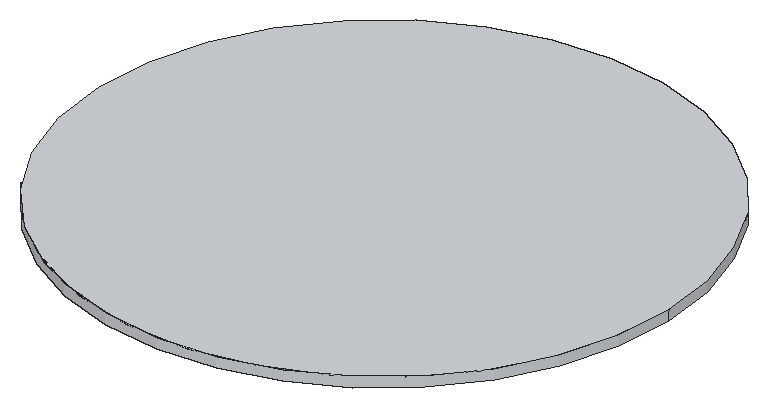
Revit family "CITY", category Lighting Fixtures, host Face, Revit 2023 (continued)
Types (10, lengths in mm): name | Radio | Photometric Web File | built-in parameter 1150142 | Manufacturer | LuxLight_Watios | LuxLight_Temperatura | LuxLight_Lumenes
  LISUP80 | 40 | "LISUP80X 50W 4000K .ies" | "IESNA:LM-63-2002\r\n[TEST] Viso  - serial: n/a sensor serial: n/a\r\n[TESTLAB] Viso  - serial: n/a sensor serial: n/a - Test lab\r\n[MANUFAC] LUXLIGHT\r\n[ISSUEDATE] 12/9/2025\r\n[LUMINAIRE] BIG CITY 80W 4000k Ø500x70mm\r\n[LUMCAT] N/A\r\nTILT=NONE\r\n1 4689 1 91 25 1 2 0 0.5 0\r\n1.0 1.0 77.82\r\n0 1 2 3 4 5 6 7 8 9 10 11 12 13 14 15 16 17 18 19 20 21 22 23 24 25 26 27 28 29 30 31 32 33 34 35 36 37 38 39 40 41 42 43 44 45 46 47 48 49 50 51 52 53 54 55 56 57 58 59 60 61 62 63 64 65 66 67 68 69 70 71 72 73 74 75 76 77 78 79 80\r\n 81 82 83 84 85 86 87 88 89 90\r\n0 15 30 45 60 75 90 105 120 135 150 165 180 195 210 225 240 255 270 285 300 315 330 345 360 \r\n1596.36792 1596.227295 1595.242554 1594.210938 1592.710449 1589.990479 1587.270752 1584.222778 1579.768066 1576.016602 1570.952148 1566.309692 1560.166748 1553.367432 1546.333496 1539.62793 1531.046509 1522.65271 1514.258911 1504.458252\r\n 1494.376343 1483.825439 1472.946411 1461.410889 1449.687622 1437.35498 1424.224854 1410.438477 1397.214722 1383.287598 1367.90686 1351.916382 1336.86377 1320.498291 1304.03894 1286.641846 1269.057007 1250.768921 1231.871094 1213.160889\r\n 1193.465942 1173.817871 1153.232056 1132.505493 1111.872681 1089.83313 1068.309326 1045.660156 1022.917236 999.705322 975.977661 952.296814 927.584351 903.622253 877.924988 852.978088 827.468506 802.052612 775.558289 749.017029 722.522644\r\n 695.606262 668.314697 641.070007 613.731628 586.252441 558.492004 530.543945 502.36145 475.069885 447.215637 419.595825 391.929138 364.356232 337.205383 309.960724 283.466339 257.11264 231.040298 205.765152 180.53688 156.152679 132.143616\r\n 109.259979 86.70459 65.227737 44.594952 25.22827 8.440685 1.688137 0.750283\r\n1596.36792 1596.133545 1595.148804 1594.117065 1592.006958 1589.568481 1586.333008 1583.191162 1579.345947 1574.093994 1569.779907 1563.777588 1557.728394 1551.585449 1544.176392 1536.485962 1529.123901 1520.120361 1510.226074 1500.847534\r\n 1491.140747 1481.105713 1469.288818 1458.362793 1445.232788 1433.697266 1420.051392 1406.733887 1393.088257 1378.504517 1363.639526 1347.977295 1332.127686 1315.058716 1298.974487 1281.202148 1263.476807 1245.188599 1227.088135 1207.580566\r\n 1187.791992 1167.159058 1147.464233 1126.128052 1105.307617 1082.752319 1061.556885 1039.095215 1015.648865 992.671387 968.896851 944.887756 920.878723 896.025574 871.031799 845.944214 819.965637 794.127808 767.867859 741.326599 714.691589\r\n 687.118652 660.342957 633.379578 605.33783 578.09314 550.520203 522.947327 496.359161 469.770996 441.729187 413.921814 386.255127 358.963593 331.718933 304.333588 277.979889 251.297943 225.647644 200.231812 175.097321 150.8069 127.03231\r\n 103.820427 81.546394 60.069542 38.217548 19.601145 5.767801 1.172317 0.750283\r\n1596.36792 1595.617676 1594.023315 1592.991699 1590.084351 1588.067871 1584.832397 1580.565186 1576.813721 1571.468018 1566.825562 1561.057861 1554.821045 1547.646484 1540.659424 1533.484863 1524.575317 1515.806274 1506.193359 1497.096191\r\n 1486.779785 1475.431641 1464.740112 1452.407471 1440.074707 1427.929443 1414.096191 1400.637817 1386.617065 1371.423706 1357.168335 1341.412354 1324.859375 1308.493774 1291.612427 1274.30896 1256.114624 1237.029297 1218.928711 1199.327515\r\n 1179.210571 1159.375 1138.554688 1117.921753 1096.585693 1074.686768 1052.037598 1029.810547 1006.833069 983.527405 959.658936 935.649963 911.406433 886.506409 861.465698 836.049866 810.587097 784.889954 758.161072 731.432251 704.937927\r\n 677.786987 650.776855 623.438354 596.099915 568.386353 540.766541 513.099854 485.011139 457.438232 430.099792 402.480011 375.235321 347.943787 321.16806 294.345428 268.226196 241.966293 216.738037 191.462875 166.938004 143.163391\r\n 119.857727 97.302345 75.497238 54.62999 34.981949 20.398321 5.767801 1.031639 0.750283\r\n1596.36792 1594.914307 1594.726807 1591.913208 1589.896729 1586.942627 1584.035278 1579.861816 1575.31311 1570.389404 1565.700195 1559.135254 1553.27356 1546.427246 1539.440308 1531.046509 1523.262329 1513.743042 1504.364502 1494.470093\r\n 1483.825439 1473.415405 1461.786011 1449.968994 1437.730103 1424.600098 1411.188721 1398.246338 1383.475098 1368.422607 1353.04187 1337.801758 1321.623657 1304.83606 1287.532715 1270.041748 1252.269409 1233.559204 1214.848999 1196.185791\r\n 1176.068848 1156.045532 1134.803223 1114.404907 1092.552856 1070.935303 1048.802002 1026.481079 1003.597473 979.822815 956.611023 931.570251 907.84259 883.130066 857.667358 832.626709 806.554321 780.857117 754.550354 727.868408 701.608459\r\n 674.316956 647.259827 619.59314 592.536072 565.010071 537.437195 510.614532 483.791931 456.969299 429.115051 401.823517 373.875458 347.240417 320.37088 293.360687 267.475952 241.262909 216.175323 190.947052 166.609741 142.882034 119.810829\r\n 97.255447 75.778595 55.145809 34.325451 17.350298 5.39266 0.890961 0.797176\r\n1596.36792 1596.039673 1594.304688 1592.522827 1589.756104 1586.942627 1583.613159 1579.955566 1576.016602 1570.389404 1564.715332 1559.229004 1551.866821 1546.427246 1538.221069 1529.545898 1521.339722 1512.054932 1502.629517 1493.344727\r\n 1481.902832 1471.492798 1459.488281 1448.280884 1434.400635 1422.395996 1409.125488 1395.198364 1380.239624 1366.265503 1350.603394 1335.034912 1318.763306 1301.788086 1284.625366 1266.71228 1248.846313 1230.323608 1211.425781 1192.246704\r\n 1172.223633 1152.716309 1131.567627 1110.981689 1089.317383 1067.512085 1045.238159 1022.401367 999.846008 976.446533 952.671997 928.381592 904.04425 879.472473 854.66626 828.969055 803.318726 777.668457 751.127197 724.585876 698.091553\r\n 670.98761 644.118042 616.826538 589.206726 562.008911 534.342224 507.238281 479.243317 451.57663 424.707153 397.274902 369.795776 343.254517 316.525696 289.937531 264.240326 238.449356 213.549332 188.602417 164.452682 140.912552 118.216476\r\n 96.17691 74.887634 54.583096 35.638447 20.445215 5.251982 0.890961 0.797176\r\n1596.36792 1595.617676 1594.539185 1591.678711 1589.896729 1586.755005 1583.519409 1579.768066 1574.937988 1569.873657 1564.715332 1558.853882 1552.28894 1545.114258 1536.814209 1529.545898 1520.730103 1511.539063 1502.629517 1492.547607\r\n 1482.653198 1471.492798 1459.769531 1447.671265 1435.526123 1422.911987 1408.937866 1395.292114 1381.130493 1366.265503 1351.54126 1335.269409 1318.903931 1302.397705 1286.125854 1267.650269 1250.06543 1231.355347 1212.36377 1193.465942\r\n 1173.348999 1153.841675 1133.208862 1112.060181 1090.864746 1068.403198 1046.973267 1024.230225 1001.018311 977.806458 954.547729 929.929016 906.529541 881.864014 856.213684 831.595032 805.288208 779.966187 753.659363 726.789856 701.374023\r\n 673.238403 647.025391 619.452454 592.629883 564.963196 537.765381 511.177246 484.589081 457.954041 430.240479 402.995819 375.657379 349.022308 322.199707 295.658447 269.773682 243.982697 218.848206 194.135757 169.845352 146.352097\r\n 123.37468 101.241325 79.764473 59.225471 38.452007 20.961033 6.09605 0.890961 0.844069\r\n1596.36792 1595.945923 1595.008179 1593.413696 1591.678711 1588.958984 1586.333008 1582.300171 1578.642578 1574.515991 1569.45166 1563.589966 1557.915894 1550.460083 1543.895142 1536.626709 1528.51416 1519.510864 1511.117065 1501.129028\r\n 1491.609741 1480.918213 1469.382568 1458.69104 1446.733398 1434.213013 1421.27063 1407.8125 1393.979126 1380.145874 1365.187012 1350.134399 1333.956543 1318.059814 1301.178467 1284.203247 1266.806152 1248.752441 1230.323608 1212.0354\r\n 1192.340454 1172.83313 1152.294189 1132.411621 1110.841064 1089.73938 1067.981201 1045.988403 1024.042603 1000.971436 977.900269 954.594604 930.304199 906.717163 881.770203 856.682617 831.735718 806.460571 780.43512 754.644104 728.196594\r\n 702.030518 675.536133 648.338379 621.421997 594.505615 567.542236 540.156921 512.818542 486.605499 460.439362 433.147797 405.809387 378.93985 352.30481 325.435303 299.22226 273.525085 247.874771 222.880966 198.449875 174.25325 150.619339\r\n 128.06395 105.649246 84.172386 63.5396 44.126026 24.712448 8.675149 1.500566\r\n1596.36792 1596.36792 1595.148804 1593.132446 1591.491089 1588.771362 1585.817139 1581.268555 1577.657837 1572.780884 1567.013184 1562.183228 1555.899536 1549.428345 1541.784912 1534.094482 1525.888306 1517.306885 1507.78772 1498.59668\r\n 1488.092651 1477.776367 1466.56897 1454.939697 1443.028809 1430.180298 1416.440796 1403.263794 1388.914795 1374.800049 1359.513062 1344.366699 1328.985962 1312.292114 1295.645142 1278.763794 1260.663208 1243.078369 1224.274414 1205.564209\r\n 1186.150635 1165.939941 1146.057373 1125.424683 1104.79187 1083.174316 1061.556885 1039.517212 1016.961853 993.843811 970.913208 946.904175 923.129578 899.26123 874.267395 849.226685 824.373535 798.676392 773.026062 746.859924 720.97522\r\n 694.293274 667.939575 640.976196 614.106689 586.955872 560.039429 532.700989 505.174988 478.164795 450.967041 423.722382 396.89975 370.030273 343.535889 317.135284 291.250519 265.647095 240.231277 215.6595 191.087738 167.125565 143.866791\r\n 121.49897 99.506294 78.404579 58.287621 39.20229 22.977421 6.79944 1.500566\r\n1596.36792 1595.336426 1594.210938 1592.897949 1590.271973 1587.552124 1584.4104 1580.799561 1576.532349 1571.468018 1566.215942 1560.776489 1554.070679 1547.411987 1539.956055 1532.265625 1524.153198 1515.384277 1505.865112 1496.158325\r\n 1486.264038 1475.244141 1464.224365 1452.125977 1440.262207 1427.835693 1414.189941 1400.637817 1386.898315 1372.267822 1357.402832 1342.209595 1325.750244 1309.290894 1292.925415 1275.199951 1257.708984 1239.749146 1221.74231 1202.938232\r\n 1183.243408 1163.220093 1143.103149 1122.564209 1101.978394 1080.548462 1057.99292 1036.140991 1013.820007 990.186096 967.818298 943.434082 919.800232 895.931763 871.078674 846.506897 820.950439 796.097229 769.696716 743.389893 717.505066\r\n 690.823181 664.516418 637.740601 610.871155 583.579529 556.663147 529.559204 502.877258 476.242218 449.607147 422.362488 394.977173 368.201416 341.707062 314.88446 288.671417 263.349365 237.605286 212.517685 188.36795 164.265121 140.724976\r\n 118.169594 96.03624 74.981422 54.817562 34.841274 18.147472 5.298874 1.500566\r\n1596.36792 1595.945923 1594.445313 1592.710449 1589.474731 1587.645874 1584.222778 1580.190063 1575.828979 1570.764526 1565.93457 1558.525635 1553.367432 1546.708618 1539.018188 1531.234131 1522.55896 1514.165161 1504.974121 1495.173584\r\n 1484.247559 1474.025024 1462.536255 1450.672363 1438.761597 1425.397217 1412.267334 1398.43396 1384.881958 1370.016968 1354.354736 1339.489746 1323.733887 1307.040039 1290.393066 1272.995972 1255.317383 1237.216797 1218.600464 1199.609009\r\n 1180.00769 1160.078369 1140.383423 1119.46936 1098.133179 1076.703125 1054.569702 1032.811523 1010.021729 987.278748 963.832397 940.386047 916.142517 892.227295 867.421082 842.098999 816.823853 791.642456 766.179688 739.638428 713.659912\r\n 686.884216 660.202209 633.051392 606.322571 579.031006 551.973938 524.541687 497.015686 469.677216 442.573242 415.469269 388.365295 361.68335 335.188965 308.60083 282.809814 256.925079 231.649902 207.07814 182.553253 158.544205 135.379211\r\n 113.011391 91.253181 70.198364 50.222073 31.51189 15.240126 4.407913 1.500566\r\n1596.36792 1596.133545 1595.008179 1592.710449 1591.069092 1588.255615 1585.11377 1580.471436 1577.235718 1572.405762 1566.825562 1561.573608 1555.430664 1547.927856 1540.940796 1532.969116 1524.481567 1516.603516 1506.568481 1496.767822\r\n 1486.779785 1475.947632 1465.021606 1453.532837 1440.965576 1428.163818 1414.799438 1401.575806 1387.320313 1372.736694 1357.918579 1342.631592 1326.453613 1310.885254 1293.816284 1276.934937 1258.318481 1241.062012 1221.92981 1203.735474\r\n 1183.946655 1164.251831 1143.619019 1122.986328 1102.259644 1081.157959 1059.118408 1037.360107 1014.335876 991.217773 968.146545 944.606445 920.456665 896.353882 871.735229 846.741394 820.997314 795.487671 769.837402 743.671265 717.223755\r\n 690.916931 664.094299 637.45929 610.167725 583.063782 556.053528 528.99646 502.783478 476.476654 448.716187 421.424622 394.039307 367.544952 340.534729 313.477661 287.592865 261.70813 235.96405 210.829559 186.398468 162.154938 138.427231\r\n 116.012527 93.644707 72.261642 51.628857 31.042963 14.349164 4.454806 1.500566\r\n1596.36792 1595.945923 1594.633057 1593.695068 1591.209839 1588.771362 1585.11377 1581.174683 1577.564087 1573.109131 1567.435181 1561.573608 1555.805786 1548.818848 1541.456665 1533.766235 1526.216431 1517.588257 1508.303467 1497.799561\r\n 1487.905151 1477.588745 1466.66272 1454.61145 1442.513062 1429.945801 1416.815918 1403.498413 1389.758789 1375.081299 1360.216309 1344.648071 1328.798218 1312.620361 1295.551392 1278.857544 1261.460449 1242.656372 1224.884155 1205.189087\r\n 1186.385132 1167.065308 1146.760864 1125.706055 1104.979492 1083.690186 1062.119507 1040.314453 1017.383911 993.984436 970.960144 947.795105 923.786072 899.120483 874.970825 849.789429 824.514221 799.145264 773.494995 747.141296 720.740662\r\n 694.246338 667.752014 640.694885 614.012939 586.346252 559.289124 532.232056 504.612274 477.32074 450.07608 422.503174 395.633667 368.670349 342.129089 315.400269 289.093445 263.349365 237.417709 212.564575 187.664566 162.295609 134.910278\r\n 108.697266 87.314201 67.431694 48.627724 30.761608 14.536736 3.751415 1.453674\r\n1596.36792 1596.133545 1595.008179 1594.304688 1592.38208 1589.990479 1586.333008 1583.284912 1578.876953 1574.937988 1568.841919 1564.011963 1558.150391 1551.257202 1544.786011 1537.330078 1529.311401 1520.823853 1511.25769 1502.723267\r\n 1492.828979 1482.043701 1471.117554 1459.769531 1447.436768 1434.728882 1422.911987 1408.750366 1395.385986 1381.27124 1365.984131 1351.447388 1335.175659 1319.466675 1303.101074 1285.750732 1268.541138 1250.956421 1232.152466 1213.958008\r\n 1194.356934 1175.037109 1155.014038 1134.615601 1114.076538 1092.552856 1071.122925 1049.223999 1026.246582 1003.503662 980.526245 957.689514 933.445984 909.249329 884.958923 860.24646 834.408569 809.274109 783.670715 757.457703 731.291565\r\n 704.79718 678.068359 651.292603 624.329346 597.037781 570.262085 543.06427 516.382324 489.700409 462.971588 435.586243 407.966431 381.003143 354.086731 326.982758 300.81662 274.462952 248.437485 222.787186 198.027847 172.236877 142.366226\r\n 113.667892 85.860527 64.665024 48.01812 31.418104 17.068941 5.298874 1.641244\r\n1596.36792 1596.555542 1595.945923 1594.633057 1592.28833 1590.084351 1587.130127 1584.5979 1580.987183 1576.719971 1571.280396 1566.403564 1559.744751 1553.695557 1547.411987 1540.143677 1532.171875 1523.684326 1515.384277 1505.58374\r\n 1496.48645 1485.654297 1475.056519 1463.708618 1451.985352 1439.793335 1426.616333 1413.5802 1400.262695 1386.194824 1371.423706 1356.605713 1341.037231 1325.234497 1308.587524 1291.706177 1274.21521 1256.395874 1239.045654 1220.429199\r\n 1201.109375 1181.226929 1161.719604 1141.790161 1120.547729 1099.961914 1078.109863 1056.586182 1034.452881 1011.522278 988.544922 965.145447 941.605286 917.267944 892.602417 868.358887 842.896179 817.714844 792.439636 766.039063\r\n 739.919861 713.941284 687.353088 660.342957 633.567139 606.275635 579.077881 551.64563 524.401001 497.156342 469.489655 442.245026 414.85965 387.802582 360.97998 334.298004 307.616058 281.496857 255.658981 230.008667 205.202438 180.396194\r\n 155.261719 128.345306 102.929466 82.202896 62.836208 43.985344 26.353695 10.879105 3.235596\r\n1596.36792 1596.227295 1595.758423 1594.726807 1593.601318 1591.209839 1588.161865 1585.910889 1582.487793 1577.564087 1573.625122 1568.326172 1562.886597 1557.447021 1550.460083 1543.988892 1536.11084 1527.998413 1520.026611 1509.428833\r\n 1500.847534 1490.296631 1480.308594 1468.585327 1457.565552 1445.326538 1432.009155 1419.863892 1406.827759 1392.478516 1378.223267 1363.545776 1348.680786 1332.737183 1316.137207 1299.865479 1282.280762 1265.211792 1247.111206 1228.635498\r\n 1209.503174 1190.605469 1171.520142 1150.981201 1130.348389 1109.668701 1087.488525 1066.668091 1044.53479 1021.932495 999.3302 975.649353 952.531311 928.944275 904.04425 879.613159 854.900696 829.10968 803.88147 777.715332 
